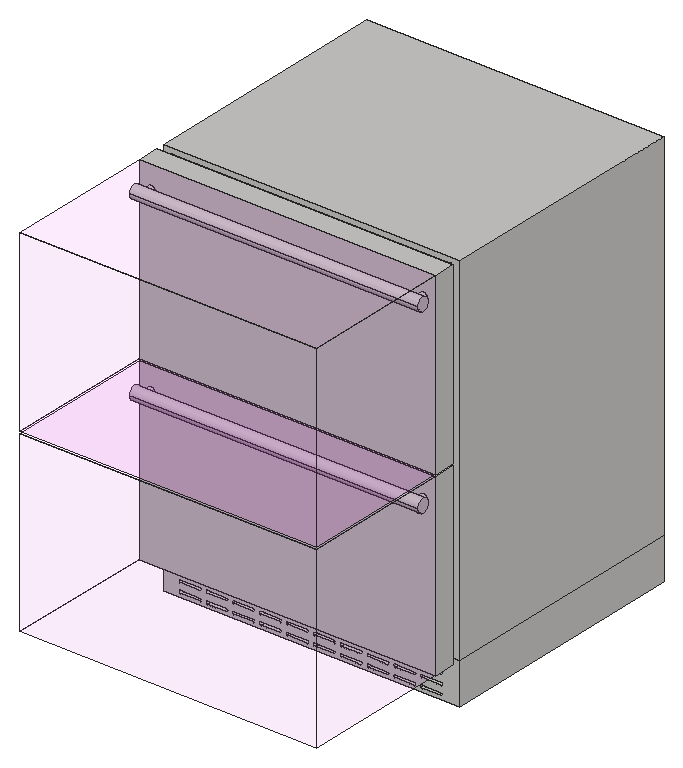
Revit family "QF_Summit_ADRF244_2_Drawer_Refrigerator_Freezer", category Specialty Equipment, Revit 2020
Family settings
  Round Connector Dimension = Use Diameter
  Part Type = Normal
  Work Plane-Based = No
  Always vertical = Yes
  Cut with Voids When Loaded = No
  Shared = No
  Room Calculation Point = No
Parameters
  Weight in Pounds = 105
  Watts = Volts * FL Amps  # 115 W
  Volts = 115 V
  URL Cutsheet = ""
  Specification by User = ""
  Specification by Manufacturer = ""
  Show Clearance [instance] = yes
  Serial Number = ""
  Seismic Rating = ""
  SMACNA No = ""
  Revision Code = ""
  Refrigerant Volume = 0.00 kip
  Refrigerant Type = "R600a"
  Phase = 1
  Number of Poles = 1
  NAFEM Spec ID Number = ""
  Model = "ADRF244"
  Min Ckt Ampacity = 0 A
  Max Overcurrent Protection = 0 A
  Masterspec = ""
  Manufacturer = "Summit"
  Length = 23 3/8"
  Item Number = ""
  Installed By = ""
  Identify Quantity as Lot = yes
  Height = 31 7/8"
  HP = ""
  Furnished By = ""
  Foodservice Equipment Identifier = yes
  FL Amps = 1 A
  Electrical Remarks = ""
  Electric Connection Type = ""
  Elec Conn RI Height = 0"
  Elec Conn Connection Height = 0"
  Description = "2 Drawer Refrigerator Freezer"
  Depth = 22 1/2"
  Default Elevation = 0"
  Cycle = 60 Hz
  Conn Plug = ""
  Conn Conduit = yes
  CSI MasterFormat = ""
  BTUH = 0.0 Btu/h
  Apparent Power = 0 VA
Reference planes (in)
  plane 1 "BACK": y = 0
  plane 2: z = 0
  plane 3 "LEFT": x = 0
  plane 4 "RIGHT": x = 23.375
  plane 5 "FRONT": y = -20.125
  plane 6 "TOP": z = 31.875
  plane 7 "Center Y": x = 11.6875
  plane 8 "Center X": y = -10.0625
Dimensions and locks (in)
  equal spacing: plane 3 "LEFT", plane 7 "Center Y", plane 4 "RIGHT"
  "Length": plane 3 "LEFT" to plane 4 "RIGHT"
  equal spacing: plane 5 "FRONT", plane 8 "Center X", plane 1 "BACK"
  plane 5 "FRONT" to plane 1 "BACK" = 20 1/8"
  "Height": plane 6 "TOP" to level
  nested 1 to plane 1 "BACK" = 34 1/4"
  nested 1 to plane 1 "BACK" = 22 1/2"
  aligned and locked: level to plane 2
Nested families (in)
  nested 1: "ADRF244" at (0, 0, 0), Show Clearance <- "Show Clearance", type "ADRF244"
    with Show Clearance yes
Connectors (in)
  electrical at (19.85523, 0.03125, 5.125), driven by "Volts", driven by "Watts"
    settings: on nested 1, index 1, voltage 115 V, apparent load 115 VA, apparent load phase1 0 VA, apparent load phase2 0 VA, apparent load phase3 0 VA, power factor 1, load classification "Other", number of poles 1, system type 30, power factor state 1, is connector primary yes, connector utility no, sub classification motor no, connector description "ELECTRICAL CONNECTION"
Definition of nested family "ADRF244"
  Parameters (values of type "ADRF244")
    Weight in Pounds = 0
    URL Cutsheet = ""
    Specification by User = ""
    Specification by Manufacturer = ""
    Show Clearance [instance] = yes
    Serial Number = ""
    Seismic Rating = ""
    SMACNA No = ""
    Revision Code = ""
    NAFEM Spec ID Number = ""
    Masterspec = ""
    Length = 23 3/8"
    Item Number = ""
    Installed By = ""
    Identify Quantity as Lot = yes
    Height = 31 7/8"
    Furnished By = ""
    Foodservice Equipment Identifier = yes
    Depth = 20 1/8"
    Default Elevation = 0"
    CSI MasterFormat = ""
  Reference planes (in)
    plane 1 "BACK": y = 0
    plane 2: z = 0
    plane 3 "LEFT": x = 0
    plane 4 "RIGHT": x = 23.375
    plane 5 "FRONT": y = -20.125
    plane 6 "TOP": z = 31.875
    plane 7 "Center Y": x = 11.6875
    plane 8 "Center X": y = -10.0625
    plane 9: y = -22.5
    plane 10: y = -20.75
    plane 11: z = 0.375
    plane 12: z = 3.625
    plane 13: y = -23.875
    plane 14: y = -34.25
  Forms (in)
    Extrusion 1, solid
      sketch origin (-3.0568, -180, 0.375) x (-1, 0, 0) y (0, -1, 0)
        loop
          line (-3.0568, -180) -> (-3.0568, -159.875) -> (-26.4318, -159.875) -> (-26.4318, -180) -> (-3.0568, -180)
      from 0 to 3.25
    Extrusion 2, solid
      sketch origin (-3.0568, -180, 3.625) x (-1, 0, 0) y (0, -1, 0)
        loop
          line (-3.0568, -180) -> (-3.0568, -159.875) -> (-26.4318, -159.875) -> (-26.4318, -180) -> (-3.0568, -180)
      from 0 to 28.25
    Extrusion 3, solid
      sketch origin (-38.39759, -180, 31.875) x (-1, 0, 0) y (0, -1, 0)
        loop
          line (-38.39759, -159.25) -> (-38.39759, -157.5) -> (-61.77259, -157.5) -> (-61.77259, -159.25) -> (-38.39759, -159.25)
      from 0 to -14.0625
    Extrusion 4, solid
      sketch origin (-38.39759, -180, 3.625) x (0, 1, 0) y (1, 0, 0)
        loop
          line (159.25, 38.39759) -> (159.25, 61.77259) -> (157.5, 61.77259) -> (157.5, 38.39759) -> (159.25, 38.39759)
      from 0 to -14.0625
    Extrusion 5, solid
      sketch origin (-38.39759, -180, 3.625) x (-1, 0, 0) y (0, 1, 0)
        loop
          line (-39.08509, 159.875) -> (-61.08509, 159.875) -> (-61.08509, 159.25) -> (-39.08509, 159.25) -> (-39.08509, 159.875)
      from -0.33266 to -27.88386
    Extrusion 6, void
      sketch origin (25.68318, -20.125, 0.625) x (1, 0, 0) y (0, 0, -1)
        loop
          line (-24.28504, -2.50938) -> (-22.78504, -2.50938)
          arc (-22.78504, -2.50938) -> (-22.66004, -2.38438) -> (-22.78504, -2.25938) r 0.125
          line (-22.78504, -2.25938) -> (-24.28504, -2.25938)
          arc (-24.28504, -2.25938) -> (-24.41004, -2.38438) -> (-24.28504, -2.50938) r 0.125
      from 0 to 0.5
    Extrusion 7, void
      sketch origin (44.7619, -20.125, 0.625) x (1, 0, 0) y (0, 0, -1)
        loop
          line (-24.28504, -2.50938) -> (-22.78504, -2.50938)
          arc (-22.78504, -2.50938) -> (-22.66004, -2.38438) -> (-22.78504, -2.25938) r 0.125
          line (-22.78504, -2.25938) -> (-24.28504, -2.25938)
          arc (-24.28504, -2.25938) -> (-24.41004, -2.38438) -> (-24.28504, -2.50938) r 0.125
      from 0 to 0.5
    Extrusion 8, void
      sketch origin (27.80304, -20.125, 0.625) x (1, 0, 0) y (0, 0, -1)
        loop
          line (-24.28504, -2.50938) -> (-22.78504, -2.50938)
          arc (-22.78504, -2.50938) -> (-22.66004, -2.38438) -> (-22.78504, -2.25938) r 0.125
          line (-22.78504, -2.25938) -> (-24.28504, -2.25938)
          arc (-24.28504, -2.25938) -> (-24.41004, -2.38438) -> (-24.28504, -2.50938) r 0.125
      from 0 to 0.5
    Extrusion 9, void
      sketch origin (29.9229, -20.125, 0.625) x (1, 0, 0) y (0, 0, -1)
        loop
          line (-24.28504, -2.50938) -> (-22.78504, -2.50938)
          arc (-22.78504, -2.50938) -> (-22.66004, -2.38438) -> (-22.78504, -2.25938) r 0.125
          line (-22.78504, -2.25938) -> (-24.28504, -2.25938)
          arc (-24.28504, -2.25938) -> (-24.41004, -2.38438) -> (-24.28504, -2.50938) r 0.125
      from 0 to 0.5
    Extrusion 10, void
      sketch origin (32.04276, -20.125, 0.625) x (1, 0, 0) y (0, 0, -1)
        loop
          line (-24.28504, -2.50938) -> (-22.78504, -2.50938)
          arc (-22.78504, -2.50938) -> (-22.66004, -2.38438) -> (-22.78504, -2.25938) r 0.125
          line (-22.78504, -2.25938) -> (-24.28504, -2.25938)
          arc (-24.28504, -2.25938) -> (-24.41004, -2.38438) -> (-24.28504, -2.50938) r 0.125
      from 0 to 0.5
    Extrusion 11, void
      sketch origin (34.16261, -20.125, 0.625) x (1, 0, 0) y (0, 0, -1)
        loop
          line (-24.28504, -2.50938) -> (-22.78504, -2.50938)
          arc (-22.78504, -2.50938) -> (-22.66004, -2.38438) -> (-22.78504, -2.25938) r 0.125
          line (-22.78504, -2.25938) -> (-24.28504, -2.25938)
          arc (-24.28504, -2.25938) -> (-24.41004, -2.38438) -> (-24.28504, -2.50938) r 0.125
      from 0 to 0.5
    Extrusion 12, void
      sketch origin (36.28247, -20.125, 0.625) x (1, 0, 0) y (0, 0, -1)
        loop
          line (-24.28504, -2.50938) -> (-22.78504, -2.50938)
          arc (-22.78504, -2.50938) -> (-22.66004, -2.38438) -> (-22.78504, -2.25938) r 0.125
          line (-22.78504, -2.25938) -> (-24.28504, -2.25938)
          arc (-24.28504, -2.25938) -> (-24.41004, -2.38438) -> (-24.28504, -2.50938) r 0.125
      from 0 to 0.5
    Extrusion 13, void
      sketch origin (38.40233, -20.125, 0.625) x (1, 0, 0) y (0, 0, -1)
        loop
          line (-24.28504, -2.50938) -> (-22.78504, -2.50938)
          arc (-22.78504, -2.50938) -> (-22.66004, -2.38438) -> (-22.78504, -2.25938) r 0.125
          line (-22.78504, -2.25938) -> (-24.28504, -2.25938)
          arc (-24.28504, -2.25938) -> (-24.41004, -2.38438) -> (-24.28504, -2.50938) r 0.125
      from 0 to 0.5
    Extrusion 14, void
      sketch origin (40.52218, -20.125, 0.625) x (1, 0, 0) y (0, 0, -1)
        loop
          line (-24.28504, -2.50938) -> (-22.78504, -2.50938)
          arc (-22.78504, -2.50938) -> (-22.66004, -2.38438) -> (-22.78504, -2.25938) r 0.125
          line (-22.78504, -2.25938) -> (-24.28504, -2.25938)
          arc (-24.28504, -2.25938) -> (-24.41004, -2.38438) -> (-24.28504, -2.50938) r 0.125
      from 0 to 0.5
    Extrusion 15, void
      sketch origin (42.64204, -20.125, 0.625) x (1, 0, 0) y (0, 0, -1)
        loop
          line (-24.28504, -2.50938) -> (-22.78504, -2.50938)
          arc (-22.78504, -2.50938) -> (-22.66004, -2.38438) -> (-22.78504, -2.25938) r 0.125
          line (-22.78504, -2.25938) -> (-24.28504, -2.25938)
          arc (-24.28504, -2.25938) -> (-24.41004, -2.38438) -> (-24.28504, -2.50938) r 0.125
      from 0 to 0.5
    Extrusion 16, void
      sketch origin (25.68318, -20.125, -0.125) x (1, 0, 0) y (0, 0, -1)
        loop
          line (-24.28504, -2.50938) -> (-22.78504, -2.50938)
          arc (-22.78504, -2.50938) -> (-22.66004, -2.38438) -> (-22.78504, -2.25938) r 0.125
          line (-22.78504, -2.25938) -> (-24.28504, -2.25938)
          arc (-24.28504, -2.25938) -> (-24.41004, -2.38438) -> (-24.28504, -2.50938) r 0.125
      from 0 to 0.5
    Extrusion 17, void
      sketch origin (25.68318, -20.125, -0.875) x (1, 0, 0) y (0, 0, -1)
        loop
          line (-24.28504, -2.50938) -> (-22.78504, -2.50938)
          arc (-22.78504, -2.50938) -> (-22.66004, -2.38438) -> (-22.78504, -2.25938) r 0.125
          line (-22.78504, -2.25938) -> (-24.28504, -2.25938)
          arc (-24.28504, -2.25938) -> (-24.41004, -2.38438) -> (-24.28504, -2.50938) r 0.125
      from 0 to 0.5
    Extrusion 18, void
      sketch origin (25.68318, -20.125, -1.625) x (1, 0, 0) y (0, 0, -1)
        loop
          line (-24.28504, -2.50938) -> (-22.78504, -2.50938)
          arc (-22.78504, -2.50938) -> (-22.66004, -2.38438) -> (-22.78504, -2.25938) r 0.125
          line (-22.78504, -2.25938) -> (-24.28504, -2.25938)
          arc (-24.28504, -2.25938) -> (-24.41004, -2.38438) -> (-24.28504, -2.50938) r 0.125
      from 0 to 0.5
    Extrusion 19, void
      sketch origin (44.7619, -20.125, -0.125) x (1, 0, 0) y (0, 0, -1)
        loop
          line (-24.28504, -2.50938) -> (-22.78504, -2.50938)
          arc (-22.78504, -2.50938) -> (-22.66004, -2.38438) -> (-22.78504, -2.25938) r 0.125
          line (-22.78504, -2.25938) -> (-24.28504, -2.25938)
          arc (-24.28504, -2.25938) -> (-24.41004, -2.38438) -> (-24.28504, -2.50938) r 0.125
      from 0 to 0.5
    Extrusion 20, void
      sketch origin (44.7619, -20.125, -0.875) x (1, 0, 0) y (0, 0, -1)
        loop
          line (-24.28504, -2.50938) -> (-22.78504, -2.50938)
          arc (-22.78504, -2.50938) -> (-22.66004, -2.38438) -> (-22.78504, -2.25938) r 0.125
          line (-22.78504, -2.25938) -> (-24.28504, -2.25938)
          arc (-24.28504, -2.25938) -> (-24.41004, -2.38438) -> (-24.28504, -2.50938) r 0.125
      from 0 to 0.5
    Extrusion 21, void
      sketch origin (44.7619, -20.125, -1.625) x (1, 0, 0) y (0, 0, -1)
        loop
          line (-24.28504, -2.50938) -> (-22.78504, -2.50938)
          arc (-22.78504, -2.50938) -> (-22.66004, -2.38438) -> (-22.78504, -2.25938) r 0.125
          line (-22.78504, -2.25938) -> (-24.28504, -2.25938)
          arc (-24.28504, -2.25938) -> (-24.41004, -2.38438) -> (-24.28504, -2.50938) r 0.125
      from 0 to 0.5
    Extrusion 22, void
      sketch origin (27.80304, -20.125, -0.125) x (1, 0, 0) y (0, 0, -1)
        loop
          line (-24.28504, -2.50938) -> (-22.78504, -2.50938)
          arc (-22.78504, -2.50938) -> (-22.66004, -2.38438) -> (-22.78504, -2.25938) r 0.125
          line (-22.78504, -2.25938) -> (-24.28504, -2.25938)
          arc (-24.28504, -2.25938) -> (-24.41004, -2.38438) -> (-24.28504, -2.50938) r 0.125
      from 0 to 0.5
    Extrusion 23, void
      sketch origin (27.80304, -20.125, -0.875) x (1, 0, 0) y (0, 0, -1)
        loop
          line (-24.28504, -2.50938) -> (-22.78504, -2.50938)
          arc (-22.78504, -2.50938) -> (-22.66004, -2.38438) -> (-22.78504, -2.25938) r 0.125
          line (-22.78504, -2.25938) -> (-24.28504, -2.25938)
          arc (-24.28504, -2.25938) -> (-24.41004, -2.38438) -> (-24.28504, -2.50938) r 0.125
      from 0 to 0.5
    Extrusion 24, void
      sketch origin (27.80304, -20.125, -1.625) x (1, 0, 0) y (0, 0, -1)
        loop
          line (-24.28504, -2.50938) -> (-22.78504, -2.50938)
          arc (-22.78504, -2.50938) -> (-22.66004, -2.38438) -> (-22.78504, -2.25938) r 0.125
          line (-22.78504, -2.25938) -> (-24.28504, -2.25938)
          arc (-24.28504, -2.25938) -> (-24.41004, -2.38438) -> (-24.28504, -2.50938) r 0.125
      from 0 to 0.5
    Extrusion 25, void
      sketch origin (29.9229, -20.125, -0.125) x (1, 0, 0) y (0, 0, -1)
        loop
          line (-24.28504, -2.50938) -> (-22.78504, -2.50938)
          arc (-22.78504, -2.50938) -> (-22.66004, -2.38438) -> (-22.78504, -2.25938) r 0.125
          line (-22.78504, -2.25938) -> (-24.28504, -2.25938)
          arc (-24.28504, -2.25938) -> (-24.41004, -2.38438) -> (-24.28504, -2.50938) r 0.125
      from 0 to 0.5
    Extrusion 26, void
      sketch origin (29.9229, -20.125, -0.875) x (1, 0, 0) y (0, 0, -1)
        loop
          line (-24.28504, -2.50938) -> (-22.78504, -2.50938)
          arc (-22.78504, -2.50938) -> (-22.66004, -2.38438) -> (-22.78504, -2.25938) r 0.125
          line (-22.78504, -2.25938) -> (-24.28504, -2.25938)
          arc (-24.28504, -2.25938) -> (-24.41004, -2.38438) -> (-24.28504, -2.50938) r 0.125
      from 0 to 0.5
    Extrusion 27, void
      sketch origin (29.9229, -20.125, -1.625) x (1, 0, 0) y (0, 0, -1)
        loop
          line (-24.28504, -2.50938) -> (-22.78504, -2.50938)
          arc (-22.78504, -2.50938) -> (-22.66004, -2.38438) -> (-22.78504, -2.25938) r 0.125
          line (-22.78504, -2.25938) -> (-24.28504, -2.25938)
          arc (-24.28504, -2.25938) -> (-24.41004, -2.38438) -> (-24.28504, -2.50938) r 0.125
      from 0 to 0.5
    Extrusion 28, void
      sketch origin (32.04276, -20.125, -0.125) x (1, 0, 0) y (0, 0, -1)
        loop
          line (-24.28504, -2.50938) -> (-22.78504, -2.50938)
          arc (-22.78504, -2.50938) -> (-22.66004, -2.38438) -> (-22.78504, -2.25938) r 0.125
          line (-22.78504, -2.25938) -> (-24.28504, -2.25938)
          arc (-24.28504, -2.25938) -> (-24.41004, -2.38438) -> (-24.28504, -2.50938) r 0.125
      from 0 to 0.5
    Extrusion 29, void
      sketch origin (32.04276, -20.125, -0.875) x (1, 0, 0) y (0, 0, -1)
        loop
          line (-24.28504, -2.50938) -> (-22.78504, -2.50938)
          arc (-22.78504, -2.50938) -> (-22.66004, -2.38438) -> (-22.78504, -2.25938) r 0.125
          line (-22.78504, -2.25938) -> (-24.28504, -2.25938)
          arc (-24.28504, -2.25938) -> (-24.41004, -2.38438) -> (-24.28504, -2.50938) r 0.125
      from 0 to 0.5
    Extrusion 30, void
      sketch origin (32.04276, -20.125, -1.625) x (1, 0, 0) y (0, 0, -1)
        loop
          line (-24.28504, -2.50938) -> (-22.78504, -2.50938)
          arc (-22.78504, -2.50938) -> (-22.66004, -2.38438) -> (-22.78504, -2.25938) r 0.125
          line (-22.78504, -2.25938) -> (-24.28504, -2.25938)
          arc (-24.28504, -2.25938) -> (-24.41004, -2.38438) -> (-24.28504, -2.50938) r 0.125
      from 0 to 0.5
    Extrusion 31, void
      sketch origin (34.16261, -20.125, -0.125) x (1, 0, 0) y (0, 0, -1)
        loop
          line (-24.28504, -2.50938) -> (-22.78504, -2.50938)
          arc (-22.78504, -2.50938) -> (-22.66004, -2.38438) -> (-22.78504, -2.25938) r 0.125
          line (-22.78504, -2.25938) -> (-24.28504, -2.25938)
          arc (-24.28504, -2.25938) -> (-24.41004, -2.38438) -> (-24.28504, -2.50938) r 0.125
      from 0 to 0.5
    Extrusion 32, void
      sketch origin (34.16261, -20.125, -0.875) x (1, 0, 0) y (0, 0, -1)
        loop
          line (-24.28504, -2.50938) -> (-22.78504, -2.50938)
          arc (-22.78504, -2.50938) -> (-22.66004, -2.38438) -> (-22.78504, -2.25938) r 0.125
          line (-22.78504, -2.25938) -> (-24.28504, -2.25938)
          arc (-24.28504, -2.25938) -> (-24.41004, -2.38438) -> (-24.28504, -2.50938) r 0.125
      from 0 to 0.5
    Extrusion 33, void
      sketch origin (34.16261, -20.125, -1.625) x (1, 0, 0) y (0, 0, -1)
        loop
          line (-24.28504, -2.50938) -> (-22.78504, -2.50938)
          arc (-22.78504, -2.50938) -> (-22.66004, -2.38438) -> (-22.78504, -2.25938) r 0.125
          line (-22.78504, -2.25938) -> (-24.28504, -2.25938)
          arc (-24.28504, -2.25938) -> (-24.41004, -2.38438) -> (-24.28504, -2.50938) r 0.125
      from 0 to 0.5
    Extrusion 34, void
      sketch origin (36.28247, -20.125, -0.125) x (1, 0, 0) y (0, 0, -1)
        loop
          line (-24.28504, -2.50938) -> (-22.78504, -2.50938)
          arc (-22.78504, -2.50938) -> (-22.66004, -2.38438) -> (-22.78504, -2.25938) r 0.125
          line (-22.78504, -2.25938) -> (-24.28504, -2.25938)
          arc (-24.28504, -2.25938) -> (-24.41004, -2.38438) -> (-24.28504, -2.50938) r 0.125
      from 0 to 0.5
    Extrusion 35, void
      sketch origin (36.28247, -20.125, -0.875) x (1, 0, 0) y (0, 0, -1)
        loop
          line (-24.28504, -2.50938) -> (-22.78504, -2.50938)
          arc (-22.78504, -2.50938) -> (-22.66004, -2.38438) -> (-22.78504, -2.25938) r 0.125
          line (-22.78504, -2.25938) -> (-24.28504, -2.25938)
          arc (-24.28504, -2.25938) -> (-24.41004, -2.38438) -> (-24.28504, -2.50938) r 0.125
      from 0 to 0.5
    Extrusion 36, void
      sketch origin (36.28247, -20.125, -1.625) x (1, 0, 0) y (0, 0, -1)
        loop
          line (-24.28504, -2.50938) -> (-22.78504, -2.50938)
          arc (-22.78504, -2.50938) -> (-22.66004, -2.38438) -> (-22.78504, -2.25938) r 0.125
          line (-22.78504, -2.25938) -> (-24.28504, -2.25938)
          arc (-24.28504, -2.25938) -> (-24.41004, -2.38438) -> (-24.28504, -2.50938) r 0.125
      from 0 to 0.5
    Extrusion 37, void
      sketch origin (38.40233, -20.125, -0.125) x (1, 0, 0) y (0, 0, -1)
        loop
          line (-24.28504, -2.50938) -> (-22.78504, -2.50938)
          arc (-22.78504, -2.50938) -> (-22.66004, -2.38438) -> (-22.78504, -2.25938) r 0.125
          line (-22.78504, -2.25938) -> (-24.28504, -2.25938)
          arc (-24.28504, -2.25938) -> (-24.41004, -2.38438) -> (-24.28504, -2.50938) r 0.125
      from 0 to 0.5
    Extrusion 38, void
      sketch origin (38.40233, -20.125, -0.875) x (1, 0, 0) y (0, 0, -1)
        loop
          line (-24.28504, -2.50938) -> (-22.78504, -2.50938)
          arc (-22.78504, -2.50938) -> (-22.66004, -2.38438) -> (-22.78504, -2.25938) r 0.125
          line (-22.78504, -2.25938) -> (-24.28504, -2.25938)
          arc (-24.28504, -2.25938) -> (-24.41004, -2.38438) -> (-24.28504, -2.50938) r 0.125
      from 0 to 0.5
    Extrusion 39, void
      sketch origin (38.40233, -20.125, -1.625) x (1, 0, 0) y (0, 0, -1)
        loop
          line (-24.28504, -2.50938) -> (-22.78504, -2.50938)
          arc (-22.78504, -2.50938) -> (-22.66004, -2.38438) -> (-22.78504, -2.25938) r 0.125
          line (-22.78504, -2.25938) -> (-24.28504, -2.25938)
          arc (-24.28504, -2.25938) -> (-24.41004, -2.38438) -> (-24.28504, -2.50938) r 0.125
      from 0 to 0.5
    Extrusion 40, void
      sketch origin (40.52218, -20.125, -0.125) x (1, 0, 0) y (0, 0, -1)
        loop
          line (-24.28504, -2.50938) -> (-22.78504, -2.50938)
          arc (-22.78504, -2.50938) -> (-22.66004, -2.38438) -> (-22.78504, -2.25938) r 0.125
          line (-22.78504, -2.25938) -> (-24.28504, -2.25938)
          arc (-24.28504, -2.25938) -> (-24.41004, -2.38438) -> (-24.28504, -2.50938) r 0.125
      from 0 to 0.5
    Extrusion 41, void
      sketch origin (40.52218, -20.125, -0.875) x (1, 0, 0) y (0, 0, -1)
        loop
          line (-24.28504, -2.50938) -> (-22.78504, -2.50938)
          arc (-22.78504, -2.50938) -> (-22.66004, -2.38438) -> (-22.78504, -2.25938) r 0.125
          line (-22.78504, -2.25938) -> (-24.28504, -2.25938)
          arc (-24.28504, -2.25938) -> (-24.41004, -2.38438) -> (-24.28504, -2.50938) r 0.125
      from 0 to 0.5
    Extrusion 42, void
      sketch origin (40.52218, -20.125, -1.625) x (1, 0, 0) y (0, 0, -1)
        loop
          line (-24.28504, -2.50938) -> (-22.78504, -2.50938)
          arc (-22.78504, -2.50938) -> (-22.66004, -2.38438) -> (-22.78504, -2.25938) r 0.125
          line (-22.78504, -2.25938) -> (-24.28504, -2.25938)
          arc (-24.28504, -2.25938) -> (-24.41004, -2.38438) -> (-24.28504, -2.50938) r 0.125
      from 0 to 0.5
    Extrusion 43, void
      sketch origin (42.64204, -20.125, -0.125) x (1, 0, 0) y (0, 0, -1)
        loop
          line (-24.28504, -2.50938) -> (-22.78504, -2.50938)
          arc (-22.78504, -2.50938) -> (-22.66004, -2.38438) -> (-22.78504, -2.25938) r 0.125
          line (-22.78504, -2.25938) -> (-24.28504, -2.25938)
          arc (-24.28504, -2.25938) -> (-24.41004, -2.38438) -> (-24.28504, -2.50938) r 0.125
      from 0 to 0.5
    Extrusion 44, void
      sketch origin (42.64204, -20.125, -0.875) x (1, 0, 0) y (0, 0, -1)
        loop
          line (-24.28504, -2.50938) -> (-22.78504, -2.50938)
          arc (-22.78504, -2.50938) -> (-22.66004, -2.38438) -> (-22.78504, -2.25938) r 0.125
          line (-22.78504, -2.25938) -> (-24.28504, -2.25938)
          arc (-24.28504, -2.25938) -> (-24.41004, -2.38438) -> (-24.28504, -2.50938) r 0.125
      from 0 to 0.5
    Extrusion 45, void
      sketch origin (42.64204, -20.125, -1.625) x (1, 0, 0) y (0, 0, -1)
        loop
          line (-24.28504, -2.50938) -> (-22.78504, -2.50938)
          arc (-22.78504, -2.50938) -> (-22.66004, -2.38438) -> (-22.78504, -2.25938) r 0.125
          line (-22.78504, -2.25938) -> (-24.28504, -2.25938)
          arc (-24.28504, -2.25938) -> (-24.41004, -2.38438) -> (-24.28504, -2.50938) r 0.125
      from 0 to 0.5
    Extrusion 46, solid
      sketch origin (22.22659, -22.5, 31.875) x (-1, 0, 0) y (0, 0, -1)
        loop
          circle (21.28909, 1.72103) r 0.25
        loop
          circle (-0.21091, 1.72103) r 0.25
        loop
          circle (21.28909, 15.97103) r 0.25
        loop
          circle (-0.21091, 15.97103) r 0.25
      from 0 to 0.73751
    Extrusion 47, solid
      sketch origin (0, 0, 0) x (0, 1, 0) y (0, 0, 1)
        loop
          circle (-23.375, 30.16857) r 0.5
        loop
          circle (-23.375, 15.91857) r 0.5
      from 0.33756 to 23.09596
    Extrusion 48, solid
      sketch origin (0, 0, 3.625) x (1, 0, 0) y (0, 0, -1)
        loop
          circle (19.85523, -1.5) r 0.25
      from 0 to 0.03125
    Revolve 49, solid
      sketch origin (0, -16.125, 0.375) x (0, 0, 1) y (1, 0, 0)
        loop
          line (0, 1.37326) -> (0, 1.67648) -> (-0.18922, 1.8657) -> (-0.18922, 2) -> (-0.375, 2) -> (-0.375, 1.37326) -> (0, 1.37326)
        axis (0, 1.37326) -> (-0.375, 1.37326)
      angle from 0 to 360
    Revolve 50, solid
      sketch origin (0, -16.125, 0.375) x (0, 0, 1) y (1, 0, 0)
        loop
          line (0, 22.00174) -> (-0.375, 22.00174) -> (-0.375, 21.375) -> (-0.18922, 21.375) -> (-0.18922, 21.5093) -> (0, 21.69852) -> (0, 22.00174)
        axis (0, 22.00174) -> (-0.375, 22.00174)
      angle from 0 to 360
    Revolve 51, solid
      sketch origin (0, -4, 0.375) x (0, 0, 1) y (-1, 0, 0)
        loop
          line (0, -1.37326) -> (-0.375, -1.37326) -> (-0.375, -2) -> (-0.18922, -2) -> (-0.18922, -1.8657) -> (0, -1.67648) -> (0, -1.37326)
        axis (0, -1.37326) -> (-0.375, -1.37326)
      angle from 0 to 360
    Revolve 52, solid
      sketch origin (0, -4, 0.375) x (0, 0, 1) y (-1, 0, 0)
        loop
          line (0, -22.00174) -> (0, -21.69852) -> (-0.18922, -21.5093) -> (-0.18922, -21.375) -> (-0.375, -21.375) -> (-0.375, -22.00174) -> (0, -22.00174)
        axis (0, -22.00174) -> (-0.375, -22.00174)
      angle from 0 to 360
    Extrusion 53, solid, visible <- "Show Clearance"
      sketch origin (22.22659, -22.5, 31.875) x (-1, 0, 0) y (0, 0, -1)
        loop
          line (-1.14841, 0) -> (22.22659, 0) -> (22.22659, 14.0625) -> (-1.14841, 14.0625) -> (-1.14841, 0)
        loop
          line (-1.14841, 28.25) -> (-1.14841, 14.1875) -> (22.22659, 14.1875) -> (22.22659, 28.25) -> (-1.14841, 28.25)
      from 0 to 11.75
  Cuts and joins
    Extrusion 6, Extrusion 7, Extrusion 8, Extrusion 9, Extrusion 10, Extrusion 11, Extrusion 12, Extrusion 13, Extrusion 14, Extrusion 15, Extrusion 16, Extrusion 17, Extrusion 18, Extrusion 19, Extrusion 20, Extrusion 21, Extrusion 22, Extrusion 23, Extrusion 24, Extrusion 25, Extrusion 26, Extrusion 27, Extrusion 28, Extrusion 29, Extrusion 30, Extrusion 31, Extrusion 32, Extrusion 33, Extrusion 34, Extrusion 35, Extrusion 36, Extrusion 37, Extrusion 38, Extrusion 39, Extrusion 40, Extrusion 41, Extrusion 42, Extrusion 43, Extrusion 44, Extrusion 45 cuts Extrusion 1
    joined: Extrusion 46, Extrusion 47
    joined: Extrusion 2, Extrusion 48
  Lines and regions (in)
    symbolic lines, visible <- "Show Clearance"
      curve 1: line (0, -22.5, 0) -> (0, -34.25, 0)
      curve 2: line (0, -34.25, 0) -> (23.375, -34.25, 0)
      curve 3: line (23.375, -34.25, 0) -> (23.375, -22.5, 0)
    symbolic lines
      curve 4: line (0, 0, 0) -> (0, -20.125, 0)
      curve 5: line (0, -20.125, 0) -> (23.375, -20.125, 0)
      curve 6: line (23.375, -20.125, 0) -> (23.375, 0, 0)
      curve 7: line (23.375, 0, 0) -> (0, 0, 0)
      curve 8: line (0.6875, -20.125, 0) -> (0.6875, -20.75, 0)
      curve 9: line (23.375, -20.75, 0) -> (0, -20.75, 0)
      curve 10: line (0, -20.75, 0) -> (0, -22.5, 0)
      curve 11: line (0, -22.5, 0) -> (23.375, -22.5, 0)
      curve 12: line (23.375, -22.5, 0) -> (23.375, -20.75, 0)
      curve 13: line (22.6875, -20.75, 0) -> (22.6875, -20.125, 0)
      curve 14: line (22.1875, -22.87521, 0) -> (22.1875, -22.5, 0)
      curve 15: line (22.6875, -22.87521, 0) -> (22.6875, -22.5, 0)
      curve 16: line (0.6875, -22.875, 0) -> (0.6875, -22.5, 0)
      curve 17: line (1.1875, -22.87521, 0) -> (1.1875, -22.5, 0)
      curve 18: line (1.1875, -22.87521, 0) -> (22.1875, -22.87521, 0)
      curve 19: line (22.6875, -22.87521, 0) -> (23.09596, -22.87521, 0)
      curve 20: line (23.09596, -22.87521, 0) -> (23.09596, -23.875, 0)
      curve 21: line (23.09596, -23.875, 0) -> (0.28125, -23.875, 0)
      curve 22: line (0.28125, -23.875, 0) -> (0.28125, -22.875, 0)
      curve 23: line (0.28125, -22.875, 0) -> (0.6875, -22.875, 0)
      curve 24: line (1.1875, -22.87521, 0) -> (0.6875, -22.87521, 0)
      curve 25: line (22.6875, -22.87521, 0) -> (22.1875, -22.87521, 0)
  Dimensions and locks (in)
    equal spacing: plane 3 "LEFT", plane 7 "Center Y", plane 4 "RIGHT"
    "Length": plane 3 "LEFT" to plane 4 "RIGHT"
    equal spacing: plane 5 "FRONT", plane 8 "Center X", plane 1 "BACK"
    "Depth": plane 5 "FRONT" to plane 1 "BACK"
    "Height": plane 6 "TOP" to level
    plane 1 "BACK" to plane 9 = 22 1/2"
    plane 6 "TOP" to plane 11 = 31 1/2"
    plane 11 to level = 3/8"
    equal spacing: group 1, group 3, group 4, group 5, group 6, group 7, group 8, group 9, group 10, group 2  (x3)
    plane 1 "BACK" to plane 14 = 34 1/4"
    aligned and locked: level to plane 2
  Automatic sketch dimensions
    Extrusion 6 sketch curve to Extrusion 6 sketch curve = 1 1/2"
    Extrusion 6 sketch curve to Extrusion 6 sketch curve = 1/8"
    Extrusion 7 sketch curve to Extrusion 7 sketch curve = 1 1/2"
    Extrusion 7 sketch curve to Extrusion 7 sketch curve = 1/8"
    Extrusion 8 sketch curve to Extrusion 8 sketch curve = 1 1/2"
    Extrusion 8 sketch curve to Extrusion 8 sketch curve = 1/8"
    Extrusion 9 sketch curve to Extrusion 9 sketch curve = 1 1/2"
    Extrusion 9 sketch curve to Extrusion 9 sketch curve = 1/8"
    Extrusion 10 sketch curve to Extrusion 10 sketch curve = 1 1/2"
    Extrusion 10 sketch curve to Extrusion 10 sketch curve = 1/8"
    Extrusion 11 sketch curve to Extrusion 11 sketch curve = 1 1/2"
    Extrusion 11 sketch curve to Extrusion 11 sketch curve = 1/8"
    Extrusion 12 sketch curve to Extrusion 12 sketch curve = 1 1/2"
    Extrusion 12 sketch curve to Extrusion 12 sketch curve = 1/8"
    Extrusion 13 sketch curve to Extrusion 13 sketch curve = 1 1/2"
    Extrusion 13 sketch curve to Extrusion 13 sketch curve = 1/8"
    Extrusion 14 sketch curve to Extrusion 14 sketch curve = 1 1/2"
    Extrusion 14 sketch curve to Extrusion 14 sketch curve = 1/8"
    Extrusion 15 sketch curve to Extrusion 15 sketch curve = 1 1/2"
    Extrusion 15 sketch curve to Extrusion 15 sketch curve = 1/8"
    Extrusion 16 sketch curve to Extrusion 16 sketch curve = 1 1/2"  (x3)
    Extrusion 16 sketch curve to Extrusion 16 sketch curve = 1/8"  (x3)
    Extrusion 17 sketch curve to Extrusion 17 sketch curve = 1 1/2"  (x3)
    Extrusion 17 sketch curve to Extrusion 17 sketch curve = 1/8"  (x3)
    Extrusion 18 sketch curve to Extrusion 18 sketch curve = 1 1/2"  (x3)
    Extrusion 18 sketch curve to Extrusion 18 sketch curve = 1/8"  (x3)
    Extrusion 19 sketch curve to Extrusion 19 sketch curve = 1 1/2"  (x2)
    Extrusion 19 sketch curve to Extrusion 19 sketch curve = 1/8"  (x2)
    Extrusion 20 sketch curve to Extrusion 20 sketch curve = 1 1/2"  (x2)
    Extrusion 20 sketch curve to Extrusion 20 sketch curve = 1/8"  (x2)
    Extrusion 21 sketch curve to Extrusion 21 sketch curve = 1 1/2"  (x2)
    Extrusion 21 sketch curve to Extrusion 21 sketch curve = 1/8"  (x2)
    Extrusion 43 sketch curve to Extrusion 43 sketch curve = 1 1/2"  (x2)
    Extrusion 43 sketch curve to Extrusion 43 sketch curve = 1/8"  (x2)
    Extrusion 44 sketch curve to Extrusion 44 sketch curve = 1 1/2"  (x2)
    Extrusion 44 sketch curve to Extrusion 44 sketch curve = 1/8"  (x2)
    Extrusion 45 sketch curve to Extrusion 45 sketch curve = 1 1/2"  (x2)
    Extrusion 45 sketch curve to Extrusion 45 sketch curve = 1/8"  (x2)
    Extrusion 22 sketch curve to Extrusion 22 sketch curve = 1 1/2"  (x2)
    Extrusion 22 sketch curve to Extrusion 22 sketch curve = 1/8"  (x2)
    Extrusion 23 sketch curve to Extrusion 23 sketch curve = 1 1/2"  (x2)
    Extrusion 23 sketch curve to Extrusion 23 sketch curve = 1/8"  (x2)
    Extrusion 24 sketch curve to Extrusion 24 sketch curve = 1 1/2"  (x2)
    Extrusion 24 sketch curve to Extrusion 24 sketch curve = 1/8"  (x2)
    Extrusion 25 sketch curve to Extrusion 25 sketch curve = 1 1/2"  (x2)
    Extrusion 25 sketch curve to Extrusion 25 sketch curve = 1/8"  (x2)
    Extrusion 26 sketch curve to Extrusion 26 sketch curve = 1 1/2"  (x2)
    Extrusion 26 sketch curve to Extrusion 26 sketch curve = 1/8"  (x2)
    Extrusion 27 sketch curve to Extrusion 27 sketch curve = 1 1/2"  (x2)
    Extrusion 27 sketch curve to Extrusion 27 sketch curve = 1/8"  (x2)
    Extrusion 28 sketch curve to Extrusion 28 sketch curve = 1 1/2"  (x2)
    Extrusion 28 sketch curve to Extrusion 28 sketch curve = 1/8"  (x2)
    Extrusion 29 sketch curve to Extrusion 29 sketch curve = 1 1/2"  (x2)
    Extrusion 29 sketch curve to Extrusion 29 sketch curve = 1/8"  (x2)
    Extrusion 30 sketch curve to Extrusion 30 sketch curve = 1 1/2"  (x2)
    Extrusion 30 sketch curve to Extrusion 30 sketch curve = 1/8"  (x2)
    Extrusion 31 sketch curve to Extrusion 31 sketch curve = 1 1/2"  (x2)
    Extrusion 31 sketch curve to Extrusion 31 sketch curve = 1/8"  (x2)
    Extrusion 32 sketch curve to Extrusion 32 sketch curve = 1 1/2"  (x2)
    Extrusion 32 sketch curve to Extrusion 32 sketch curve = 1/8"  (x2)
    Extrusion 33 sketch curve to Extrusion 33 sketch curve = 1 1/2"  (x2)
    Extrusion 33 sketch curve to Extrusion 33 sketch curve = 1/8"  (x2)
    Extrusion 34 sketch curve to Extrusion 34 sketch curve = 1 1/2"  (x2)
    Extrusion 34 sketch curve to Extrusion 34 sketch curve = 1/8"  (x2)
    Extrusion 35 sketch curve to Extrusion 35 sketch curve = 1 1/2"  (x2)
    Extrusion 35 sketch curve to Extrusion 35 sketch curve = 1/8"  (x2)
    Extrusion 36 sketch curve to Extrusion 36 sketch curve = 1 1/2"  (x2)
    Extrusion 36 sketch curve to Extrusion 36 sketch curve = 1/8"  (x2)
    Extrusion 37 sketch curve to Extrusion 37 sketch curve = 1 1/2"  (x2)
    Extrusion 37 sketch curve to Extrusion 37 sketch curve = 1/8"  (x2)
    Extrusion 38 sketch curve to Extrusion 38 sketch curve = 1 1/2"  (x2)
    Extrusion 38 sketch curve to Extrusion 38 sketch curve = 1/8"  (x2)
    Extrusion 39 sketch curve to Extrusion 39 sketch curve = 1 1/2"  (x2)
    Extrusion 39 sketch curve to Extrusion 39 sketch curve = 1/8"  (x2)
    Extrusion 40 sketch curve to Extrusion 40 sketch curve = 1 1/2"  (x2)
    Extrusion 40 sketch curve to Extrusion 40 sketch curve = 1/8"  (x2)
    Extrusion 41 sketch curve to Extrusion 41 sketch curve = 1 1/2"  (x2)
    Extrusion 41 sketch curve to Extrusion 41 sketch curve = 1/8"  (x2)
    Extrusion 42 sketch curve to Extrusion 42 sketch curve = 1 1/2"  (x2)
    Extrusion 42 sketch curve to Extrusion 42 sketch curve = 1/8"  (x2)
    curve 1 to plane 3 "LEFT" = 0"
    plane 1 "BACK" to curve 4 = 0"
    curve 4 to plane 3 "LEFT" = 0"
    curve 22 to plane 13 = 0"
    curve 16 to plane 9 = 0"
    curve 8 to plane 10 = 0"
    plane 5 "FRONT" to curve 8 = 0"
    curve 12 to plane 4 "RIGHT" = 0"
    curve 7 to plane 4 "RIGHT" = 0"
    curve 1 to plane 14 = 0"
    plane 3 "LEFT" to curve 22 = 9/32"
    curve 22 to curve 23 = 13/32"
    curve 16 to curve 18 = 1/2"
    curve 14 to plane 9 = 0.37521"
    plane 4 "RIGHT" to curve 14 = 1 3/16"
    curve 14 to curve 15 = 1/2"
    plane 4 "RIGHT" to curve 21 = 0.27904"
    curve 24 to curve 16 = 0.00021"
    curve 24 to curve 16 = 0"
    plane 3 "LEFT" to curve 8 = 11/16"
    plane 4 "RIGHT" to curve 13 = 11/16"
    plane 1 "BACK" to Extrusion 1 sketch curve = 0"
    Extrusion 1 sketch curve to plane 4 "RIGHT" = 0"
    Extrusion 1 sketch curve to plane 3 "LEFT" = 0"
    plane 5 "FRONT" to Extrusion 1 sketch curve = 0"
    plane 1 "BACK" to Extrusion 2 sketch curve = 0"
    Extrusion 2 sketch curve to plane 4 "RIGHT" = 0"
    Extrusion 2 sketch curve to plane 3 "LEFT" = 0"
    plane 5 "FRONT" to Extrusion 2 sketch curve = 0"
    Extrusion 3 sketch curve to plane 4 "RIGHT" = 0"
    Extrusion 3 sketch curve to plane 3 "LEFT" = 0"
    Extrusion 3 sketch curve to plane 10 = 0"
    Extrusion 3 sketch curve to plane 9 = 0"
    Extrusion 4 sketch curve to plane 3 "LEFT" = 0"
    Extrusion 4 sketch curve to plane 9 = 0"
    Extrusion 4 sketch curve to plane 10 = 0"
    Extrusion 4 sketch curve to plane 4 "RIGHT" = 0"
    Extrusion 4 to Extrusion 5 sketch curve = 0"
    Extrusion 4 to Extrusion 5 sketch curve = 11/16"  (x2)
    Extrusion 5 sketch curve to Extrusion 5 sketch curve = 5/8"
    Extrusion 46 sketch curve to Extrusion 3 = 15/16"  (x2)
    Extrusion 3 to Extrusion 46 sketch curve = 15/16"  (x2)
    Extrusion 3 to Extrusion 46 sketch curve = 1.72103"  (x2)
    Extrusion 46 sketch curve to Extrusion 3 = 1.90853"  (x2)
    plane 13 to Extrusion 47 sketch curve = 1/2"  (x2)
    plane 12 to Extrusion 47 sketch curve = 12.29357"
    Extrusion 47 sketch curve to plane 6 "TOP" = 1.70643"
    Extrusion 2 to Extrusion 48 sketch curve = 1 1/2"
    Extrusion 48 sketch curve to Extrusion 2 = 3.51977"
    Revolve 49 sketch curve to level = 0"
    Revolve 49 sketch curve to plane 11 = 0"  (x2)
    level to Revolve 49 sketch curve = 0.18578"
    plane 3 "LEFT" to Revolve 49 sketch curve = 1.37326"
    Revolve 49 sketch curve to Revolve 49 sketch curve = 0.30322"
    Revolve 49 sketch curve to Revolve 49 sketch curve = 0.18922"
    Revolve 49 sketch curve to Revolve 49 sketch curve = 0.1343"
    Revolve 49 sketch curve to Revolve 49 sketch curve = 0.10618"
    Revolve 49 sketch curve to Revolve 49 sketch curve = 0"
    Revolve 50 sketch curve to level = 0"
    Revolve 50 sketch curve to plane 11 = 0"  (x2)
    level to Revolve 50 sketch curve = 0.18578"
    plane 4 "RIGHT" to Revolve 50 sketch curve = 2"
    Revolve 50 sketch curve to Revolve 50 sketch curve = 0.1343"
    Revolve 50 sketch curve to Revolve 50 sketch curve = 0.18922"
    Revolve 50 sketch curve to Revolve 50 sketch curve = 0.30322"
    Revolve 50 sketch curve to plane 11 = 0.10618"
    Revolve 50 sketch curve to Revolve 50 sketch curve = 0"
    Revolve 51 sketch curve to level = 0"
    Revolve 51 sketch curve to plane 11 = 0"  (x2)
    level to Revolve 51 sketch curve = 0.18578"
    plane 3 "LEFT" to Revolve 51 sketch curve = 2"
    Revolve 51 sketch curve to Revolve 51 sketch curve = 0.1343"
    Revolve 51 sketch curve to Revolve 51 sketch curve = 0.18922"
    Revolve 51 sketch curve to Revolve 51 sketch curve = 0.30322"
    Revolve 51 sketch curve to Revolve 51 sketch curve = 0.10618"
    Revolve 51 sketch curve to Revolve 51 sketch curve = 0"
    Revolve 52 sketch curve to level = 0"
    Revolve 52 sketch curve to plane 11 = 0"  (x2)
    level to Revolve 52 sketch curve = 0.18578"
    plane 4 "RIGHT" to Revolve 52 sketch curve = 1.37326"
    Revolve 52 sketch curve to Revolve 52 sketch curve = 0.30322"
    Revolve 52 sketch curve to Revolve 52 sketch curve = 0.18922"
    Revolve 52 sketch curve to Revolve 52 sketch curve = 0.1343"
    Revolve 52 sketch curve to plane 11 = 0.10618"
    Revolve 52 sketch curve to Revolve 52 sketch curve = 0"
    Extrusion 53 sketch curve to Extrusion 3 = 0"  (x4)
    Extrusion 3 to Extrusion 53 sketch curve = 0"  (x2)
    Extrusion 53 sketch curve to Extrusion 53 sketch curve = 1/8"
    Extrusion 53 sketch curve to Extrusion 53 sketch curve = 14 1/16"
    radius of Extrusion 46 sketch curve = 1/4"  (x4)
    radius of Extrusion 47 sketch curve = 1/2"  (x2)
    radius of Extrusion 48 sketch curve = 1/4"
